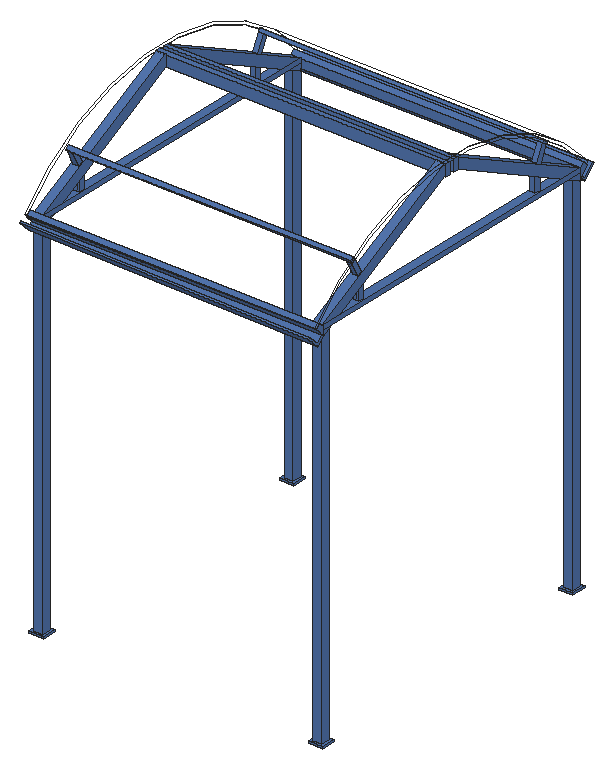
Revit family "Roof RTC-16", category Обобщенные модели, Revit 2019
Family settings
  Может служить основой для арматурных стержней = Нет
  Размер круглого соединителя = Использовать диаметр
  Тип детали = Нормальный
  На основе рабочей плоскости = Нет
  Всегда вертикально = Да
  При загрузке вырезать с полостями = Нет
  Общий = Нет
  Точка расчета площади = Нет
Parameters
  Weight = ""
  Unit of measurement = "pcs"
  URL = "https://www.perco.ru/products/krysha-rtc-16-dlya-polnorostovogo-turniketa-rtd-16.php"
  Operating temperature = "from -40°C to +55°C"
  Number = 1
  Name = "RTC-16 Roof"
  Material = Steel painted RAL 5010
  Изготовитель = "PERCo"
  Full name = "RTC-16 Roof for RTD-16 Full Height Turnstile"
  Dimensions = "2413х1660х2554 mm"
Reference planes
  plane 1 "По центру (Вперед/Назад)": y = 0
  plane 2: z = 0
  plane 3 "По центру (Влево/Вправо)": x = 0
  plane 4: y = 963.711
  plane 5: x = -815
  plane 6: y = -963.711
  plane 7: x = 815
Forms (mm)
  Extrusion 1, solid, material "Steel painted RAL 5010"
    sketch origin (0, 0, 0) x (1, 0, 0) y (0, 1, 0)
      loop
        line (-825.5, 840) -> (-745.5, 840) -> (-745.5, 920) -> (-825.5, 920) -> (-825.5, 840)
      loop
        line (825.5, 840) -> (825.5, 920) -> (745.5, 920) -> (745.5, 840) -> (825.5, 840)
      loop
        line (-825.5, -840) -> (-825.5, -920) -> (-745.5, -920) -> (-745.5, -840) -> (-825.5, -840)
      loop
        line (825.5, -840) -> (745.5, -840) -> (745.5, -920) -> (825.5, -920) -> (825.5, -840)
    from 0 to 10
  Extrusion 2, solid, material "Steel painted RAL 5010"
    sketch origin (0, 0, 0) x (1, 0, 0) y (0, 1, 0)
      loop
        line (-810.5, 905) -> (-810.5, 855) -> (-760.5, 855) -> (-760.5, 905) -> (-810.5, 905)
      loop
        line (810.5, 905) -> (760.5, 905) -> (760.5, 855) -> (810.5, 855) -> (810.5, 905)
      loop
        line (-810.5, -905) -> (-760.5, -905) -> (-760.5, -855) -> (-810.5, -855) -> (-810.5, -905)
      loop
        line (810.5, -905) -> (810.5, -855) -> (760.5, -855) -> (760.5, -905) -> (810.5, -905)
    from 10 to 2093
  Extrusion 3, solid, material "Steel painted RAL 5010"
    sketch origin (0, 0, 0) x (1, 0, 0) y (0, 0, 1)
      loop
        line (-810.5, 2093) -> (-760.5, 2093) -> (-760.5, 2118) -> (-810.5, 2118) -> (-810.5, 2093)
      loop
        line (810.5, 2093) -> (810.5, 2118) -> (760.5, 2118) -> (760.5, 2093) -> (810.5, 2093)
    from -905 to 905
  Extrusion 4, solid, material "Steel painted RAL 5010"
    sketch origin (0, 0, 0) x (0, 1, 0) y (0, 0, 1)
      loop
        line (905, 2068) -> (948.493, 2116.304) -> (925.899, 2138.899) -> (905, 2118) -> (905, 2068)
      loop
        line (-905, 2068) -> (-905, 2118) -> (-925.899, 2138.899) -> (-948.493, 2116.304) -> (-905, 2068)
    from -815 to 815
  Extrusion 5, solid, material "Acrylic, transparent"
    sketch origin (0, 0, 0) x (0, 1, 0) y (0, 0, 1)
      loop
        line (949.524, 2115.094) -> (963.711, 2129.282)
        arc (963.711, 2129.282) -> (0.795, 2574) -> (-962.679, 2130.49) r 1266.548
        line (-962.679, 2130.49) -> (-948.493, 2116.304)
        arc (-948.493, 2116.304) -> (0.795, 2554) -> (949.524, 2115.094) r 1246.548
    from -815 to 815
  Extrusion 6, solid, material "Steel painted RAL 5010"
    sketch origin (0, 0, 11.456) x (0, 1, 0) y (0, 0, 1)
      loop
        line (-15, 2542.544) -> (-40, 2542.544) -> (-40, 2478.95) -> (-15, 2478.95) -> (-15, 2542.544)
      loop
        line (15, 2542.544) -> (15, 2478.95) -> (40, 2478.95) -> (40, 2542.544) -> (15, 2542.544)
    from -815 to 815
  Extrusion 7, solid, material "Steel painted RAL 5010"
    sketch origin (0, 0, 0) x (0, 1, 0) y (0, 0, 1)
      loop
        line (905, 2118) -> (40, 2554) -> (40, 2490.406) -> (905, 2054.406) -> (905, 2118)
      loop
        line (-905, 2118) -> (-905, 2054.406) -> (-40, 2490.406) -> (-40, 2554) -> (-905, 2118)
    from -810.5 to -760.5
  Extrusion 8, solid, material "Steel painted RAL 5010"
    sketch origin (0, 0, 0) x (0, 1, 0) y (0, 0, -1)
      loop
        line (905, -2118) -> (905, -2054.406) -> (40, -2490.406) -> (40, -2554) -> (905, -2118)
      loop
        line (-905, -2118) -> (-40, -2554) -> (-40, -2490.406) -> (-905, -2054.406) -> (-905, -2118)
    from -810.5 to -760.5
  Extrusion 9, solid, material "Steel painted RAL 5010"
    sketch origin (0, 0, 0) x (1, 0, 0) y (0, 1, 0)
      loop
        line (-785.5, 634.546) -> (-800.5, 634.546) -> (-800.5, 605) -> (-770.5, 605) -> (-770.5, 634.546) -> (-785.5, 634.546)
      loop
        line (785.5, 634.546) -> (770.5, 634.546) -> (770.5, 605) -> (800.5, 605) -> (800.5, 634.546) -> (785.5, 634.546)
      loop
        line (-785.5, -634.546) -> (-770.5, -634.546) -> (-770.5, -605) -> (-800.5, -605) -> (-800.5, -634.546) -> (-785.5, -634.546)
      loop
        line (785.5, -634.546) -> (800.5, -634.546) -> (800.5, -605) -> (770.5, -605) -> (770.5, -634.546) -> (785.5, -634.546)
    from 2118 to 2231.206
  Extrusion 10, solid, material "Steel painted RAL 5010"
    sketch origin (0, 0, 0) x (0, 1, 0) y (0, 0, 1)
      loop
        line (690.884, 2345.027) -> (670.07, 2358.875) -> (661.761, 2346.386) -> (682.575, 2332.538) -> (690.884, 2345.027)
      loop
        line (-690.884, 2345.027) -> (-682.575, 2332.538) -> (-661.761, 2346.386) -> (-670.07, 2358.875) -> (-690.884, 2345.027)
    from -800.5 to 800.5
  Extrusion 11, solid, material "Steel painted RAL 5010"
    sketch origin (0, 0, 0) x (0, 1, 0) y (0, 0, 1)
      loop
        line (682.575, 2332.538) -> (661.761, 2346.386) -> (619.244, 2262.034) -> (641.407, 2250.863) -> (682.575, 2332.538)
      loop
        line (-682.575, 2332.538) -> (-641.407, 2250.863) -> (-619.244, 2262.034) -> (-661.761, 2346.386) -> (-682.575, 2332.538)
    from -800.5 to -770.5
  Extrusion 12, solid, material "Steel painted RAL 5010"
    sketch origin (0, 0, 0) x (0, 1, 0) y (0, 0, -1)
      loop
        line (682.575, -2332.538) -> (641.407, -2250.863) -> (619.244, -2262.034) -> (661.761, -2346.386) -> (682.575, -2332.538)
      loop
        line (-682.575, -2332.538) -> (-661.761, -2346.386) -> (-619.244, -2262.034) -> (-641.407, -2250.863) -> (-682.575, -2332.538)
    from -800.5 to -770.5
  Blend 13, solid, material "Steel painted RAL 5010"
    base sketch origin (0, 0, 0) x (0, 1, 0) y (0, 0, 1)
      loop
        line (905, 2068) -> (942.219, 2030.781) -> (1005.859, 2094.421) -> (998.787, 2101.492) -> (942.219, 2044.923) -> (912.071, 2075.071) -> (905, 2068)
    top sketch origin (0, 0, 0) x (0, 1, 0) y (0, 0, 1)
      loop
        line (932.755, 2040.245) -> (996.394, 2103.885) -> (989.323, 2110.956) -> (932.755, 2054.387) -> (912.071, 2075.071) -> (905, 2068) -> (932.755, 2040.245)
    from -815 to 815
  Blend 14, solid, material "Steel painted RAL 5010"
    base sketch origin (0, 0, 0) x (0, -1, 0) y (0, 0, 1)
      loop
        line (905, 2068) -> (942.219, 2030.781) -> (1005.859, 2094.421) -> (998.787, 2101.492) -> (942.219, 2044.923) -> (912.071, 2075.071) -> (905, 2068)
    top sketch origin (0, 0, 0) x (0, -1, 0) y (0, 0, 1)
      loop
        line (932.755, 2040.245) -> (996.394, 2103.885) -> (989.323, 2110.956) -> (932.755, 2054.387) -> (912.071, 2075.071) -> (905, 2068) -> (932.755, 2040.245)
    from -815 to 815
Cuts and joins
  joined: Extrusion 1, Extrusion 2
Dimensions and locks
  aligned and locked: level to plane 2
